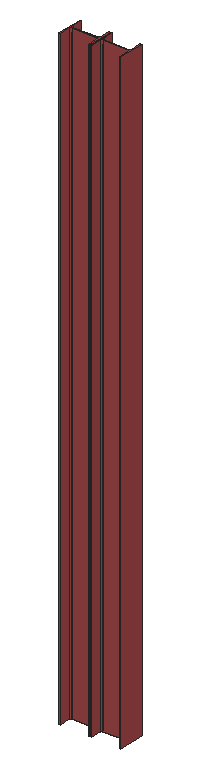
Revit family "CT_Pilar_Aco_Dup_Dir", category Structural Columns, Revit 2025
Family settings
  Section Shape = Not Defined
  Material for Model Behavior = Other
  Always export as geometry = No
  Beam cutback in plan = From bounding box
  OmniClass Number = 23.25.30.11.14.11
  OmniClass Title = Columns
  Cut with Voids When Loaded = No
  Symbolic Representation = From Family
  Shared = No
  Show family pre-cut in plan views = Yes
Parameters
  Structural Material [instance] = CT_Estrutura_Metalica
  Depth = 500 mm
  Width = 500 mm
Reference planes
  plane 1 "Center (Front/Back)": y = 0
  plane 2: z = 0
  plane 3 "Center (Left/Right)": x = 0
Dimensions and locks
  aligned and locked: level to plane 2
  aligned and locked: nested 1 to level  (x3)
  aligned and locked: level to nested 1
  aligned and locked: nested 2 to level  (x3)
  aligned and locked: level to nested 2
  aligned and locked: nested 2 to nested 1
Nested families
  nested 1: "Pilares W Gerdau" at (301.5, 0, 0) x (0, -1, 0) z (0, 0, 1), Structural Material <- "Structural Material", type "W610X217"
    with pm 217, Structural Material CT_Estrutura_Metalica, pt 868000 mm, compr 4000 mm, Comprimento 4000 mm
  nested 2: "Pilares W Gerdau" at (100.5, 0, 0) x (0, -1, 0) z (0, 0, 1), Structural Material <- "Structural Material", type "W610X217"
    with pm 217, Structural Material CT_Estrutura_Metalica, pt 868000 mm, compr 4000 mm, Comprimento 4000 mm
Definition of nested family "Pilares W Gerdau"
  Parameters (values of type "W200X35.9")
    tipo = "200x35.9"
    tip_secao = "W"
    tag = ""
    pt [instance] = compr * pm  # 89750 mm
    pm [instance] = Peso Nominal  # 35.9
    nome = "W200x35.9"
    material = "AÇO ASTM A572 - GR50"
    compr [instance] = Comprimento  # 2500 mm
    Peso Nominal = 35.9
    Width = 165 mm
    Web Thickness = 6.22 mm
    Web Fillet = 10 mm
    Warping Constant = 0.0000868 (stored number, unit not read)
    Torsional Moment of Inertia = 14.40 cm⁴
    Structural Material [instance] = none
    Comprimento [instance] = 2500 mm
    Section Name Key = "W8x24"
    Section Area = 45.7 cm²
    Plastic Modulus weak axis = 140.0 cm³
    Plastic Modulus strong axis = 379.0 cm³
    Perimeter = 3.3793 (stored number, unit not read)
    Nominal Weight = 35.8999 kgf/m
    Moment of Inertia weak axis = 762.00 cm⁴
    Moment of Inertia strong axis = 3440.00 cm⁴
    Height = 201 mm
    Flange Thickness = 10.2 mm
    Elastic Modulus weak axis = 92.3 cm³
    Elastic Modulus strong axis = 342.0 cm³
    Centroid Vertical = Height / 2  # 10.05 cm
    Centroid Horizontal = Width / 2  # 8.25 cm
    Assembly Code = ""
  Types (102, lengths in mm): name | tipo | pt | pm | nome | Peso Nominal | Width | Web Thickness | Web Fillet | Warping Constant | Torsional Moment of Inertia | Section Name Key | Section Area | Plastic Modulus weak axis | Plastic Modulus strong axis | Perimeter | Nominal Weight | Moment of Inertia weak axis | Moment of Inertia strong axis | Height | Flange Thickness | Elastic Modulus weak axis | Elastic Modulus strong axis | Centroid Vertical | Centroid Horizontal
    W200X35.9 | "200x35.9" | 89750 | 35.9 | "W200x35.9" | 35.9 | 165 | 6.22 | 10 | 0.0000868 (stored number, unit not read) | 14.40 cm⁴ | "W8x24" | 45.7 cm² | 140.0 cm³ | 379.0 cm³ | 3.3793 (stored number, unit not read) | 35.8999 kgf/m | 762.00 cm⁴ | 3440.00 cm⁴ | 201 | 10.2 | 92.3 cm³ | 342.0 cm³ | 10.05 cm | 8.25 cm
    W610X82 | "610x82" | 205000 | 82 | "W610x82" | 82 | 178 | 10 | 12.9 | 0.001297 (stored number, unit not read) | 49.10 cm⁴ | "W24x55" | 105.0 cm² | 218.0 cm³ | 2200.0 cm³ | 6.1352 (stored number, unit not read) | 81.9997 kgf/m | 1210.00 cm⁴ | 56200.00 cm⁴ | 599 | 12.8 | 136.0 cm³ | 1870.0 cm³ | 29.95 cm | 8.9 cm
    W610X92 | "610x92" | 230000 | 92 | "W610x92" | 92 | 179 | 10.9 | 12.7 | 0.0015464 (stored number, unit not read) | 71.20 cm⁴ | "W24x62" | 117.0 cm² | 257.0 cm³ | 2510.0 cm³ | 6.1352 (stored number, unit not read) | 91.9997 kgf/m | 1440.00 cm⁴ | 64500.00 cm⁴ | 602 | 15 | 161.0 cm³ | 2150.0 cm³ | 30.1 cm | 8.95 cm
    W610X101 | "610x101" | 252500 | 101 | "W610x101" | 101 | 228 | 10.5 | 12.8 | 0.0031552 (stored number, unit not read) | 77.80 cm⁴ | "W24x68" | 130.0 cm² | 401.0 cm³ | 2900.0 cm³ | 6.7913 (stored number, unit not read) | 101.00 kgf/m | 2930.00 cm⁴ | 76200.00 cm⁴ | 602 | 14.9 | 257.0 cm³ | 2520.0 cm³ | 30.1 cm | 11.4 cm
    W610X113 | "610x113" | 282500 | 113 | "W610x113" | 113 | 228 | 11.2 | 12.7 | 0.0037164 (stored number, unit not read) | 112.00 cm⁴ | "W24x76" | 145.0 cm² | 469.0 cm³ | 3280.0 cm³ | 6.8241 (stored number, unit not read) | 113.00 kgf/m | 3430.00 cm⁴ | 87400.00 cm⁴ | 607 | 17.3 | 302.0 cm³ | 2880.0 cm³ | 30.35 cm | 11.4 cm
    W610X125 | "610x125" | 312500 | 125 | "W610x125" | 125 | 229 | 11.9 | 12.7 | 0.0042901 (stored number, unit not read) | 154.00 cm⁴ | "W24x84" | 159.0 cm² | 534.0 cm³ | 3670.0 cm³ | 6.8898 (stored number, unit not read) | 125.00 kgf/m | 3930.00 cm⁴ | 98600.00 cm⁴ | 612 | 19.6 | 342.0 cm³ | 3210.0 cm³ | 30.6 cm | 11.45 cm
    W610X140 | "610x140" | 350000 | 140 | "W610x140" | 140 | 230 | 13.1 | 12.9 | 0.0050259 (stored number, unit not read) | 219.00 cm⁴ | "W24x94" | 179.0 cm² | 615.0 cm³ | 4160.0 cm³ | 6.9226 (stored number, unit not read) | 139.999 kgf/m | 4540.00 cm⁴ | 112000.00 cm⁴ | 617 | 22.2 | 393.0 cm³ | 3640.0 cm³ | 30.85 cm | 11.5 cm
    W610X153 | "610x153" | 382500 | 153 | "W610x153" | 153 | 229 | 14 | 12.7 | 0.0055622 (stored number, unit not read) | 294.00 cm⁴ | "W24x103" | 195.0 cm² | 680.0 cm³ | 4590.0 cm³ | 6.9226 (stored number, unit not read) | 152.999 kgf/m | 4950.00 cm⁴ | 125000.00 cm⁴ | 622 | 24.9 | 434.0 cm³ | 4010.0 cm³ | 31.1 cm | 11.45 cm
    W610X155 | "610x155" | 387500 | 155 | "W610x155" | 155 | 325 | 12.7 | 12.7 | 0.011785 (stored number, unit not read) | 196.00 cm⁴ | "W24x104" | 198.0 cm² | 1020.0 cm³ | 4740.0 cm³ | 8.1365 (stored number, unit not read) | 154.999 kgf/m | 10800.00 cm⁴ | 129000.00 cm⁴ | 612 | 19.1 | 667.0 cm³ | 4230.0 cm³ | 30.6 cm | 16.25 cm
    W610X174 | "610x174" | 435000 | 174 | "W610x174" | 174 | 325 | 14 | 12.7 | 0.013718 (stored number, unit not read) | 280.00 cm⁴ | "W24x117" | 222.0 cm² | 1170.0 cm³ | 5360.0 cm³ | 8.1365 (stored number, unit not read) | 173.999 kgf/m | 12400.00 cm⁴ | 147000.00 cm⁴ | 617 | 21.6 | 762.0 cm³ | 4770.0 cm³ | 30.85 cm | 16.25 cm
    W610X195 | "610x195" | 487500 | 195 | "W610x195" | 195 | 328 | 15.4 | 12.7 | 0.015714 (stored number, unit not read) | 395.00 cm⁴ | "W24x131" | 249.0 cm² | 1340.0 cm³ | 6060.0 cm³ | 8.2021 (stored number, unit not read) | 194.999 kgf/m | 14200.00 cm⁴ | 167000.00 cm⁴ | 622 | 24.4 | 869.0 cm³ | 5390.0 cm³ | 31.1 cm | 16.4 cm
    W610X217 | "610x217" | 542500 | 217 | "W610x217" | 217 | 328 | 16.5 | 12.7 | 0.018333 (stored number, unit not read) | 558.00 cm⁴ | "W24x146" | 277.0 cm² | 1530.0 cm³ | 6850.0 cm³ | 8.2349 (stored number, unit not read) | 216.999 kgf/m | 16300.00 cm⁴ | 191000.00 cm⁴ | 627 | 27.7 | 991.0 cm³ | 6080.0 cm³ | 31.35 cm | 16.4 cm
    W530X66 | "530x66" | 165000 | 66 | "W530x66" | 66 | 165 | 8.89 | 12.7 | 0.00070712 (stored number, unit not read) | 32.00 cm⁴ | "W21x44" | 83.9 cm² | 167.0 cm³ | 1560.0 cm³ | 5.479 (stored number, unit not read) | 65.9998 kgf/m | 862.00 cm⁴ | 35100.00 cm⁴ | 526 | 11.4 | 104.0 cm³ | 1340.0 cm³ | 26.3 cm | 8.25 cm
    W530X72 | "530x72" | 180000 | 72 | "W530x72" | 72 | 207 | 8.89 | 12.7 | 0.001322 (stored number, unit not read) | 33.40 cm⁴ | "W21x48" | 91.0 cm² | 244.0 cm³ | 1750.0 cm³ | 6.0039 (stored number, unit not read) | 71.9997 kgf/m | 1610.00 cm⁴ | 39900.00 cm⁴ | 523 | 10.9 | 156.0 cm³ | 1520.0 cm³ | 26.15 cm | 10.35 cm
    W530X74 | "530x74" | 185000 | 74 | "W530x74" | 74 | 166 | 9.65 | 12.8 | 0.00086052 (stored number, unit not read) | 47.50 cm⁴ | "W21x50" | 94.8 cm² | 200.0 cm³ | 1800.0 cm³ | 5.5118 (stored number, unit not read) | 73.9997 kgf/m | 1040.00 cm⁴ | 41000.00 cm⁴ | 528 | 13.6 | 125.0 cm³ | 1550.0 cm³ | 26.4 cm | 8.3 cm
    W530X82 | "530x82" | 205000 | 82 | "W530x82" | 82 | 209 | 9.53 | 12.6 | 0.0016711 (stored number, unit not read) | 51.60 cm⁴ | "W21x55" | 105.0 cm² | 302.0 cm³ | 2060.0 cm³ | 6.0696 (stored number, unit not read) | 81.9997 kgf/m | 2010.00 cm⁴ | 47500.00 cm⁴ | 528 | 13.3 | 193.0 cm³ | 1800.0 cm³ | 26.4 cm | 10.45 cm
    W530X85 | "530x85" | 212500 | 85 | "W530x85" | 85 | 167 | 10.3 | 12.7 | 0.0010688 (stored number, unit not read) | 73.70 cm⁴ | "W21x57" | 108.0 cm² | 243.0 cm³ | 2110.0 cm³ | 5.5774 (stored number, unit not read) | 84.9997 kgf/m | 1270.00 cm⁴ | 48700.00 cm⁴ | 536 | 16.5 | 153.0 cm³ | 1820.0 cm³ | 26.8 cm | 8.35 cm
    W530X92 | "530x92" | 230000 | 92 | "W530x92" | 92 | 209 | 10.2 | 12.8 | 0.0019954 (stored number, unit not read) | 76.20 cm⁴ | "W21x62" | 118.0 cm² | 356.0 cm³ | 2360.0 cm³ | 6.1024 (stored number, unit not read) | 91.9997 kgf/m | 2390.00 cm⁴ | 55400.00 cm⁴ | 533 | 15.6 | 229.0 cm³ | 2080.0 cm³ | 26.65 cm | 10.45 cm
    W530X101 | "530x101" | 252500 | 101 | "W530x101" | 101 | 210 | 10.9 | 12.8 | 0.0022698 (stored number, unit not read) | 102.00 cm⁴ | "W21x68" | 129.0 cm² | 400.0 cm³ | 2620.0 cm³ | 6.1352 (stored number, unit not read) | 101.00 kgf/m | 2690.00 cm⁴ | 61600.00 cm⁴ | 536 | 17.4 | 257.0 cm³ | 2290.0 cm³ | 26.8 cm | 10.5 cm
    W530X109 | "530x109" | 272500 | 109 | "W530x109" | 109 | 211 | 11.6 | 12.7 | 0.0024818 (stored number, unit not read) | 126.00 cm⁴ | "W21x73" | 139.0 cm² | 436.0 cm³ | 2820.0 cm³ | 6.1352 (stored number, unit not read) | 109.00 kgf/m | 2940.00 cm⁴ | 66600.00 cm⁴ | 538 | 18.8 | 279.0 cm³ | 2470.0 cm³ | 26.9 cm | 10.55 cm
    W530X123 | "530x123" | 307500 | 123 | "W530x123" | 123 | 212 | 13.1 | 12.8 | 0.0028933 (stored number, unit not read) | 181.00 cm⁴ | "W21x83" | 157.0 cm² | 500.0 cm³ | 3210.0 cm³ | 6.2008 (stored number, unit not read) | 123.00 kgf/m | 3390.00 cm⁴ | 76200.00 cm⁴ | 544 | 21.2 | 320.0 cm³ | 2800.0 cm³ | 27.2 cm | 10.6 cm
    W530X138 | "530x138" | 345000 | 138 | "W530x138" | 138 | 214 | 14.7 | 12.7 | 0.0033298 (stored number, unit not read) | 251.00 cm⁴ | "W21x93" | 176.0 cm² | 569.0 cm³ | 3620.0 cm³ | 6.2336 (stored number, unit not read) | 137.999 kgf/m | 3870.00 cm⁴ | 86200.00 cm⁴ | 549 | 23.6 | 362.0 cm³ | 3150.0 cm³ | 27.45 cm | 10.7 cm
    W460X52 | "460x52" | 130000 | 52 | "W460x52" | 52 | 152 | 7.62 | 10.2 | 0.00038162 (stored number, unit not read) | 21.10 cm⁴ | "W18x35" | 66.5 cm² | 132.0 cm³ | 1090.0 cm³ | 4.8556 (stored number, unit not read) | 51.9998 kgf/m | 637.00 cm⁴ | 21200.00 cm⁴ | 450 | 10.8 | 83.9 cm³ | 944.0 cm³ | 22.5 cm | 7.6 cm
    W460X60 | "460x60" | 150000 | 60 | "W460x60" | 60 | 153 | 8 | 10.2 | 0.00048264 (stored number, unit not read) | 33.70 cm⁴ | "W18x40" | 76.1 cm² | 164.0 cm³ | 1280.0 cm³ | 4.8885 (stored number, unit not read) | 59.9998 kgf/m | 795.00 cm⁴ | 25500.00 cm⁴ | 455 | 13.3 | 104.0 cm³ | 1120.0 cm³ | 22.75 cm | 7.65 cm
    W460X68 | "460x68" | 170000 | 68 | "W460x68" | 68 | 154 | 9.14 | 10.3 | 0.00057617 (stored number, unit not read) | 50.80 cm⁴ | "W18x46" | 87.1 cm² | 192.0 cm³ | 1490.0 cm³ | 4.9213 (stored number, unit not read) | 67.9997 kgf/m | 937.00 cm⁴ | 29600.00 cm⁴ | 460 | 15.4 | 122.0 cm³ | 1290.0 cm³ | 23.0 cm | 7.7 cm
    W460X74 | "460x74" | 185000 | 74 | "W460x74" | 74 | 191 | 9.02 | 10.2 | 0.0010177 (stored number, unit not read) | 51.60 cm⁴ | "W18x50" | 94.8 cm² | 272.0 cm³ | 1660.0 cm³ | 5.3806 (stored number, unit not read) | 73.9997 kgf/m | 1670.00 cm⁴ | 33300.00 cm⁴ | 457 | 14.5 | 175.0 cm³ | 1460.0 cm³ | 22.85 cm | 9.55 cm
    W460X82 | "460x82" | 205000 | 82 | "W460x82" | 82 | 191 | 9.91 | 10.2 | 0.0011486 (stored number, unit not read) | 69.10 cm⁴ | "W18x55" | 105.0 cm² | 303.0 cm³ | 1840.0 cm³ | 5.4134 (stored number, unit not read) | 81.9997 kgf/m | 1870.00 cm⁴ | 37000.00 cm⁴ | 460 | 16 | 195.0 cm³ | 1610.0 cm³ | 23.0 cm | 9.55 cm
    W460X89 | "460x89" | 222500 | 89 | "W460x89" | 89 | 192 | 10.5 | 10.2 | 0.0012845 (stored number, unit not read) | 90.30 cm⁴ | "W18x60" | 114.0 cm² | 338.0 cm³ | 2020.0 cm³ | 5.4134 (stored number, unit not read) | 88.9997 kgf/m | 2090.00 cm⁴ | 41000.00 cm⁴ | 462 | 17.7 | 218.0 cm³ | 1770.0 cm³ | 23.1 cm | 9.6 cm
    W460X97 | "460x97" | 242500 | 97 | "W460x97" | 97 | 193 | 11.4 | 10.1 | 0.0014217 (stored number, unit not read) | 114.00 cm⁴ | "W18x65" | 123.0 cm² | 369.0 cm³ | 2180.0 cm³ | 5.479 (stored number, unit not read) | 96.9996 kgf/m | 2280.00 cm⁴ | 44500.00 cm⁴ | 467 | 19.1 | 236.0 cm³ | 1920.0 cm³ | 23.35 cm | 9.65 cm
    W460X106 | "460x106" | 265000 | 106 | "W460x106" | 106 | 194 | 12.6 | 10.1 | 0.0015714 (stored number, unit not read) | 145.00 cm⁴ | "W18x71" | 135.0 cm² | 405.0 cm³ | 2390.0 cm³ | 5.479 (stored number, unit not read) | 106.00 kgf/m | 2510.00 cm⁴ | 48700.00 cm⁴ | 470 | 20.6 | 259.0 cm³ | 2080.0 cm³ | 23.5 cm | 9.7 cm
    W410X38.8 | "410x38.8" | 97000 | 38.8 | "W410x38.8" | 38.8 | 140 | 6.35 | 10.24 | 0.00018956 (stored number, unit not read) | 10.90 cm⁴ | "W16x26" | 49.5 cm² | 89.8 cm³ | 724.0 cm³ | 4.3635 (stored number, unit not read) | 38.7999 kgf/m | 399.00 cm⁴ | 12500.00 cm⁴ | 399 | 8.76 | 57.2 cm³ | 629.0 cm³ | 19.95 cm | 7.0 cm
    W410X46.1 | "410x46.1" | 115250 | 46.1 | "W410x46.1" | 46.1 | 140 | 6.99 | 10.2 | 0.00024693 (stored number, unit not read) | 19.20 cm⁴ | "W16x31" | 58.9 cm² | 115.0 cm³ | 885.0 cm³ | 4.3963 (stored number, unit not read) | 46.0998 kgf/m | 516.00 cm⁴ | 15600.00 cm⁴ | 404 | 11.2 | 73.6 cm³ | 773.0 cm³ | 20.2 cm | 7.0 cm
    W410X53 | "410x53" | 132500 | 53 | "W410x53" | 53 | 178 | 7.49 | 10.2 | 0.00048887 (stored number, unit not read) | 22.70 cm⁴ | "W16x36" | 68.4 cm² | 177.0 cm³ | 1050.0 cm³ | 4.8885 (stored number, unit not read) | 52.9998 kgf/m | 1020.00 cm⁴ | 18600.00 cm⁴ | 404 | 10.9 | 115.0 cm³ | 926.0 cm³ | 20.2 cm | 8.9 cm
    W410X60 | "410x60" | 150000 | 60 | "W410x60" | 60 | 178 | 7.75 | 10.2 | 0.00057991 (stored number, unit not read) | 33.00 cm⁴ | "W16x40" | 76.1 cm² | 208.0 cm³ | 1200.0 cm³ | 4.8885 (stored number, unit not read) | 59.9998 kgf/m | 1200.00 cm⁴ | 21600.00 cm⁴ | 406 | 12.8 | 135.0 cm³ | 1060.0 cm³ | 20.3 cm | 8.9 cm
    W410X67 | "410x67" | 167500 | 67 | "W410x67" | 67 | 179 | 8.76 | 10.2 | 0.00066597 (stored number, unit not read) | 46.20 cm⁴ | "W16x45" | 85.8 cm² | 238.0 cm³ | 1350.0 cm³ | 4.9213 (stored number, unit not read) | 66.9998 kgf/m | 1370.00 cm⁴ | 24400.00 cm⁴ | 409 | 14.4 | 153.0 cm³ | 1190.0 cm³ | 20.45 cm | 8.95 cm
    W410X75 | "410x75" | 187500 | 75 | "W410x75" | 75 | 180 | 9.65 | 10.2 | 0.00076075 (stored number, unit not read) | 63.30 cm⁴ | "W16x50" | 94.8 cm² | 267.0 cm³ | 1510.0 cm³ | 4.9541 (stored number, unit not read) | 74.9997 kgf/m | 1550.00 cm⁴ | 27400.00 cm⁴ | 414 | 16 | 172.0 cm³ | 1330.0 cm³ | 20.7 cm | 9.0 cm
    W410X85 | "410x85" | 212500 | 85 | "W410x85" | 85 | 181 | 10.9 | 10.2 | 0.00089045 (stored number, unit not read) | 92.40 cm⁴ | "W16x57" | 108.0 cm² | 310.0 cm³ | 1720.0 cm³ | 4.9869 (stored number, unit not read) | 84.9997 kgf/m | 1790.00 cm⁴ | 31600.00 cm⁴ | 417 | 18.2 | 198.0 cm³ | 1510.0 cm³ | 20.85 cm | 9.05 cm
    W360X32.9 | "360x32.9" | 82250 | 32.9 | "W360x32.9" | 32.9 | 127 | 5.84 | 10.19 | 0.00010513 (stored number, unit not read) | 8.66 cm⁴ | "W14x22" | 41.9 cm² | 71.9 cm³ | 544.0 cm³ | 3.8714 (stored number, unit not read) | 32.8999 kgf/m | 291.00 cm⁴ | 8280.00 cm⁴ | 348 | 8.51 | 45.9 cm³ | 475.0 cm³ | 17.4 cm | 6.35 cm
    W360X39 | "360x39" | 97500 | 39 | "W360x39" | 39 | 128 | 6.48 | 10.1 | 0.00013594 (stored number, unit not read) | 14.90 cm⁴ | "W14x26" | 49.6 cm² | 90.8 cm³ | 659.0 cm³ | 3.9042 (stored number, unit not read) | 38.9999 kgf/m | 371.00 cm⁴ | 10200.00 cm⁴ | 353 | 10.7 | 58.2 cm³ | 578.0 cm³ | 17.65 cm | 6.4 cm
    W360X44 | "360x44" | 110000 | 44 | "W360x44" | 44 | 171 | 6.86 | 10.12 | 0.00026439 (stored number, unit not read) | 24.30 cm⁴ | "W14x30" | 57.1 cm² | 147.0 cm³ | 775.0 cm³ | 4.4291 (stored number, unit not read) | 43.9998 kgf/m | 1520.00 cm⁴ | 7120.00 cm⁴ | 351 | 11 | 151.0 cm³ | 574.0 cm³ | 17.55 cm | 8.55 cm
    W360X51 | "360x51" | 127500 | 51 | "W360x51" | 51 | 171 | 7.24 | 10.1 | 0.00035793 (stored number, unit not read) | 23.70 cm⁴ | "W14x34" | 64.5 cm² | 174.0 cm³ | 895.0 cm³ | 4.4619 (stored number, unit not read) | 50.9998 kgf/m | 970.00 cm⁴ | 14200.00 cm⁴ | 356 | 11.6 | 113.0 cm³ | 796.0 cm³ | 17.8 cm | 8.55 cm
    W360X57.8 | "360x57.8" | 144500 | 57.8 | "W360x57.8" | 57.8 | 172 | 7.87 | 10.1 | 0.00041155 (stored number, unit not read) | 33.20 cm⁴ | "W14x38" | 72.3 cm² | 198.0 cm³ | 1010.0 cm³ | 4.4948 (stored number, unit not read) | 57.7998 kgf/m | 1110.00 cm⁴ | 16000.00 cm⁴ | 358 | 13.1 | 129.0 cm³ | 895.0 cm³ | 17.9 cm | 8.6 cm
    W360X64 | "360x64" | 160000 | 64 | "W360x64" | 64 | 203 | 7.75 | 14.9 | 0.00065349 (stored number, unit not read) | 43.70 cm⁴ | "W14x43" | 81.3 cm² | 283.0 cm³ | 1140.0 cm³ | 4.8228 (stored number, unit not read) | 63.9998 kgf/m | 1880.00 cm⁴ | 17800.00 cm⁴ | 348 | 13.5 | 185.0 cm³ | 1030.0 cm³ | 17.4 cm | 10.15 cm
    W360X72 | "360x72" | 180000 | 72 | "W360x72" | 72 | 204 | 8.64 | 15.1 | 0.00075077 (stored number, unit not read) | 60.40 cm⁴ | "W14x48" | 91.0 cm² | 321.0 cm³ | 1280.0 cm³ | 4.8228 (stored number, unit not read) | 71.9997 kgf/m | 2140.00 cm⁴ | 20100.00 cm⁴ | 351 | 15.1 | 210.0 cm³ | 1150.0 cm³ | 17.55 cm | 10.2 cm
    W360X79 | "360x79" | 197500 | 79 | "W360x79" | 79 | 205 | 9.4 | 15 | 0.00085054 (stored number, unit not read) | 80.70 cm⁴ | "W14x53" | 101.0 cm² | 361.0 cm³ | 1430.0 cm³ | 4.8556 (stored number, unit not read) | 78.9997 kgf/m | 2400.00 cm⁴ | 22500.00 cm⁴ | 353 | 16.8 | 234.0 cm³ | 1270.0 cm³ | 17.65 cm | 10.25 cm
    W360X91 | "360x91" | 227500 | 91 | "W360x91" | 91 | 254 | 9.53 | 15.1 | 0.0015714 (stored number, unit not read) | 91.20 cm⁴ | "W14x61" | 115.0 cm² | 537.0 cm³ | 1670.0 cm³ | 5.5118 (stored number, unit not read) | 90.9997 kgf/m | 4450.00 cm⁴ | 26600.00 cm⁴ | 353 | 16.4 | 352.0 cm³ | 1510.0 cm³ | 17.65 cm | 12.7 cm
    W360X101 | "360x101" | 252500 | 101 | "W360x101" | 101 | 254 | 10.5 | 15 | 0.0017959 (stored number, unit not read) | 125.00 cm⁴ | "W14x68" | 129.0 cm² | 605.0 cm³ | 1880.0 cm³ | 5.5118 (stored number, unit not read) | 101.00 kgf/m | 5040.00 cm⁴ | 30100.00 cm⁴ | 356 | 18.3 | 397.0 cm³ | 1690.0 cm³ | 17.8 cm | 12.7 cm
    W360X110 | "360x110" | 275000 | 110 | "W360x110" | 110 | 257 | 11.4 | 15.2 | 0.0020079 (stored number, unit not read) | 161.00 cm⁴ | "W14x74" | 141.0 cm² | 664.0 cm³ | 2060.0 cm³ | 5.5774 (stored number, unit not read) | 110.00 kgf/m | 5580.00 cm⁴ | 33100.00 cm⁴ | 361 | 19.9 | 436.0 cm³ | 1840.0 cm³ | 18.05 cm | 12.85 cm
    W360X122 | "360x122" | 305000 | 122 | "W360x122" | 122 | 257 | 13 | 15.1 | 0.0022448 (stored number, unit not read) | 211.00 cm⁴ | "W14x82" | 155.0 cm² | 734.0 cm³ | 2280.0 cm³ | 5.5774 (stored number, unit not read) | 122.00 kgf/m | 6160.00 cm⁴ | 36700.00 cm⁴ | 363 | 21.7 | 480.0 cm³ | 2020.0 cm³ | 18.15 cm | 12.85 cm
    W310X21 | "310x21" | 52500 | 21 | "W310x21" | 21 | 101 | 5.08 | 7.58 | 0.000026938 (stored number, unit not read) | 2.93 cm⁴ | "W12x14" | 26.8 cm² | 31.1 cm³ | 285.0 cm³ | 3.2349 (stored number, unit not read) | 20.9999 kgf/m | 98.20 cm⁴ | 3690.00 cm⁴ | 302 | 5.72 | 19.5 cm³ | 244.0 cm³ | 15.1 cm | 5.05 cm
    W310X23.8 | "310x23.8" | 59500 | 23.8 | "W310x23.8" | 23.8 | 101 | 5.59 | 7.67 | 0.000032425 (stored number, unit not read) | 4.29 cm⁴ | "W12x16" | 30.4 cm² | 37.0 cm³ | 329.0 cm³ | 3.2513 (stored number, unit not read) | 23.7999 kgf/m | 117.00 cm⁴ | 4290.00 cm⁴ | 305 | 6.73 | 23.1 cm³ | 280.0 cm³ | 15.25 cm | 5.05 cm
    W310X28.3 | "310x28.3" | 70750 | 28.3 | "W310x28.3" | 28.3 | 102 | 5.97 | 7.61 | 0.000043899 (stored number, unit not read) | 7.49 cm⁴ | "W12x19" | 35.9 cm² | 48.8 cm³ | 405.0 cm³ | 3.2808 (stored number, unit not read) | 28.2999 kgf/m | 157.00 cm⁴ | 5410.00 cm⁴ | 310 | 8.89 | 30.8 cm³ | 349.0 cm³ | 15.5 cm | 5.1 cm
    W310X32.7 | "W310x32.7" | 81750 | 32.7 | "W310x32.7" | 32.7 | 102 | 6.6 | 7.6 | 0.000054874 (stored number, unit not read) | 12.20 cm⁴ | "W12x22" | 41.8 cm² | 60.0 cm³ | 480.0 cm³ | 3.3136 (stored number, unit not read) | 32.6999 kgf/m | 194.00 cm⁴ | 6490.00 cm⁴ | 312 | 10.8 | 37.9 cm³ | 416.0 cm³ | 15.6 cm | 5.1 cm
    W310X38.7 | "310x38.7" | 96750 | 38.7 | "W310x38.7" | 38.7 | 165 | 5.84 | 7.65 | 0.00020328 (stored number, unit not read) | 12.50 cm⁴ | "W12x26" | 49.4 cm² | 134.0 cm³ | 610.0 cm³ | 4.101 (stored number, unit not read) | 38.6999 kgf/m | 720.00 cm⁴ | 8490.00 cm⁴ | 310 | 9.65 | 87.5 cm³ | 547.0 cm³ | 15.5 cm | 8.25 cm
    W310X44.5 | "310x44.5" | 111250 | 44.5 | "W310x44.5" | 44.5 | 166 | 6.6 | 7.6 | 0.0002407 (stored number, unit not read) | 19.00 cm⁴ | "W12x30" | 56.7 cm² | 157.0 cm³ | 706.0 cm³ | 4.1339 (stored number, unit not read) | 44.4998 kgf/m | 845.00 cm⁴ | 9910.00 cm⁴ | 312 | 11.2 | 102.0 cm³ | 633.0 cm³ | 15.6 cm | 8.3 cm
    W310X52 | "310x52" | 130000 | 52 | "W310x52" | 52 | 167 | 7.62 | 7.6 | 0.00029432 (stored number, unit not read) | 30.80 cm⁴ | "W12x35" | 66.5 cm² | 188.0 cm³ | 839.0 cm³ | 4.1667 (stored number, unit not read) | 51.9998 kgf/m | 1020.00 cm⁴ | 11900.00 cm⁴ | 318 | 13.2 | 122.0 cm³ | 747.0 cm³ | 15.9 cm | 8.35 cm
    W310X60* | "310x60*" | 150000 | 60 | "W310x60*" | 60 | 203 | 7.5 | 6.35 | 0.000000479 (stored number, unit not read) | 40.46 cm⁴ | "W12x40" | 0.761 cm² | 275.4 cm³ | 944.3 cm³ | 4.5276 (stored number, unit not read) | 59.9998 kgf/m | 1829.00 cm⁴ | 12908.00 cm⁴ | 303 | 13.1 | 180.2 cm³ | 852.0 cm³ | 15.15 cm | 10.15 cm
    W310X67* | "310x67*" | 167500 | 67 | "W310x67*" | 67 | 204 | 8.5 | 6.35 | 0.000000547 (stored number, unit not read) | 55.35 cm⁴ | "W12x45" | 0.853 cm² | 310.5 cm³ | 1060.4 cm³ | 4.5276 (stored number, unit not read) | 66.9998 kgf/m | 2069.00 cm⁴ | 14559.00 cm⁴ | 306 | 14.6 | 202.8 cm³ | 951.5 cm³ | 15.3 cm | 10.2 cm
    W310X74* | "310x74" | 185000 | 74 | "W310x74*" | 74 | 205 | 9.4 | 6.35 | 0.000000629 (stored number, unit not read) | 75.51 cm⁴ | "W12x50" | 0.951 cm² | 350.5 cm³ | 1192.0 cm³ | 4.5604 (stored number, unit not read) | 73.9997 kgf/m | 2344.00 cm⁴ | 16501.00 cm⁴ | 310 | 16.3 | 228.7 cm³ | 1064.6 cm³ | 15.5 cm | 10.25 cm
    W310X79 | "310x79" | 197500 | 79 | "W310x79" | 79 | 254 | 8.76 | 15.4 | 0.0010588 (stored number, unit not read) | 65.80 cm⁴ | "W12x53" | 101.0 cm² | 477.0 cm³ | 1280.0 cm³ | 5.2165 (stored number, unit not read) | 78.9997 kgf/m | 3990.00 cm⁴ | 17700.00 cm⁴ | 307 | 14.6 | 315.0 cm³ | 1160.0 cm³ | 15.35 cm | 12.7 cm
    W310X97 | "310x97" | 242500 | 97 | "W310x97" | 97 | 305 | 9.91 | 15.1 | 0.001933 (stored number, unit not read) | 90.70 cm⁴ | "W12x65" | 123.0 cm² | 723.0 cm³ | 1590.0 cm³ | 5.8727 (stored number, unit not read) | 96.9996 kgf/m | 7240.00 cm⁴ | 22200.00 cm⁴ | 307 | 15.4 | 477.0 cm³ | 1440.0 cm³ | 15.35 cm | 15.25 cm
    W310X107 | "310x107" | 267500 | 107 | "W310x107" | 107 | 305 | 10.9 | 15.3 | 0.0021949 (stored number, unit not read) | 122.00 cm⁴ | "W12x72" | 136.0 cm² | 806.0 cm³ | 1770.0 cm³ | 5.9055 (stored number, unit not read) | 107.00 kgf/m | 8120.00 cm⁴ | 24800.00 cm⁴ | 312 | 17 | 531.0 cm³ | 1600.0 cm³ | 15.6 cm | 15.25 cm
    W310X117 | "310x117" | 292500 | 117 | "W310x117" | 117 | 307 | 11.9 | 15.1 | 0.0024568 (stored number, unit not read) | 160.00 cm⁴ | "W12x79" | 150.0 cm² | 890.0 cm³ | 1950.0 cm³ | 5.9383 (stored number, unit not read) | 117.00 kgf/m | 8990.00 cm⁴ | 27600.00 cm⁴ | 315 | 18.7 | 587.0 cm³ | 1750.0 cm³ | 15.75 cm | 15.35 cm
    W310X129 | "310x129" | 322500 | 129 | "W310x129" | 129 | 307 | 13.1 | 15.2 | 0.0027686 (stored number, unit not read) | 212.00 cm⁴ | "W12x87" | 165.0 cm² | 990.0 cm³ | 2160.0 cm³ | 5.9383 (stored number, unit not read) | 129.00 kgf/m | 10000.00 cm⁴ | 30800.00 cm⁴ | 318 | 20.6 | 651.0 cm³ | 1930.0 cm³ | 15.9 cm | 15.35 cm
    W310X143 | "310x143" | 357500 | 143 | "W310x143" | 143 | 310 | 14 | 15.2 | 0.0031552 (stored number, unit not read) | 285.00 cm⁴ | "W12x96" | 182.0 cm² | 1110.0 cm³ | 2410.0 cm³ | 6.0039 (stored number, unit not read) | 142.999 kgf/m | 11200.00 cm⁴ | 34700.00 cm⁴ | 323 | 22.9 | 728.0 cm³ | 2150.0 cm³ | 16.15 cm | 15.5 cm
    W310X158 | "310x158" | 395000 | 158 | "W310x158" | 158 | 310 | 15.5 | 15.3 | 0.0035793 (stored number, unit not read) | 380.00 cm⁴ | "W12x106" | 201.0 cm² | 1230.0 cm³ | 2690.0 cm³ | 6.0367 (stored number, unit not read) | 157.999 kgf/m | 12500.00 cm⁴ | 38800.00 cm⁴ | 328 | 25.1 | 808.0 cm³ | 2380.0 cm³ | 16.4 cm | 15.5 cm
    W310X179 | "310x179" | 447500 | 179 | "W310x179" | 179 | 312 | 18 | 15 | 0.0041529 (stored number, unit not read) | 537.00 cm⁴ | "W12x120" | 227.0 cm² | 1400.0 cm³ | 3050.0 cm³ | 6.0696 (stored number, unit not read) | 178.999 kgf/m | 14400.00 cm⁴ | 44500.00 cm⁴ | 333 | 28.2 | 918.0 cm³ | 2670.0 cm³ | 16.65 cm | 15.6 cm
    W310X202 | "310x202" | 505000 | 202 | "W310x202" | 202 | 315 | 20.1 | 15.2 | 0.0049261 (stored number, unit not read) | 770.00 cm⁴ | "W12x136" | 257.0 cm² | 1610.0 cm³ | 3510.0 cm³ | 6.1352 (stored number, unit not read) | 201.999 kgf/m | 16600.00 cm⁴ | 51600.00 cm⁴ | 340 | 31.8 | 1050.0 cm³ | 3050.0 cm³ | 17.0 cm | 15.75 cm
    W250X17.9 | "250x17.9" | 44750 | 17.9 | "W250x17.9" | 17.9 | 101 | 4.83 | 7.67 | 0.000017086 (stored number, unit not read) | 2.28 cm⁴ | "W10x12" | 22.8 cm² | 28.5 cm³ | 206.0 cm³ | 2.8904 (stored number, unit not read) | 17.8999 kgf/m | 90.70 cm⁴ | 2240.00 cm⁴ | 251 | 5.33 | 18.0 cm³ | 179.0 cm³ | 12.55 cm | 5.05 cm
    W250X22.3 | "250x22.3" | 55750 | 22.3 | "W250x22.3" | 22.3 | 102 | 5.84 | 7.64 | 0.000022822 (stored number, unit not read) | 4.33 cm⁴ | "W10x15" | 28.5 cm² | 37.7 cm³ | 262.0 cm³ | 2.9167 (stored number, unit not read) | 22.2999 kgf/m | 120.00 cm⁴ | 2870.00 cm⁴ | 254 | 6.86 | 23.8 cm³ | 226.0 cm³ | 12.7 cm | 5.1 cm
    W250X25.3 | "250x25.3" | 130750 | 52.3 | "W250x25.3" | 52.3 | 102 | 6.1 | 7.62 | 0.000028559 (stored number, unit not read) | 6.49 cm⁴ | "W10x17" | 32.2 cm² | 45.9 cm³ | 306.0 cm³ | 2.9331 (stored number, unit not read) | 25.2999 kgf/m | 148.00 cm⁴ | 3410.00 cm⁴ | 257 | 8.38 | 29.2 cm³ | 265.0 cm³ | 12.85 cm | 5.1 cm
    W250X28.4 | "250x28.4" | 71000 | 28.4 | "W250x28.4" | 28.4 | 102 | 6.35 | 7.7 | 0.000034795 (stored number, unit not read) | 9.70 cm⁴ | "W10x19" | 36.3 cm² | 54.9 cm³ | 354.0 cm³ | 2.9593 (stored number, unit not read) | 28.3999 kgf/m | 179.00 cm⁴ | 4010.00 cm⁴ | 259 | 10 | 35.1 cm³ | 308.0 cm³ | 12.95 cm | 5.1 cm
    W250X32.7 | "250x32.7" | 81750 | 32.7 | "W250x32.7" | 32.7 | 146 | 6.1 | 7.66 | 0.000092038 (stored number, unit not read) | 9.95 cm⁴ | "W10x22" | 41.9 cm² | 100.0 cm³ | 426.0 cm³ | 3.5433 (stored number, unit not read) | 32.6999 kgf/m | 475.00 cm⁴ | 4910.00 cm⁴ | 259 | 9.14 | 65.1 cm³ | 380.0 cm³ | 12.95 cm | 7.3 cm
    W250X38.5 | "250x38.5" | 96250 | 38.5 | "W250x38.5" | 38.5 | 147 | 6.6 | 7.6 | 0.00011548 (stored number, unit not read) | 16.70 cm⁴ | "W10x26" | 49.1 cm² | 123.0 cm³ | 513.0 cm³ | 3.5433 (stored number, unit not read) | 38.4999 kgf/m | 587.00 cm⁴ | 5990.00 cm⁴ | 262 | 11.2 | 80.1 cm³ | 457.0 cm³ | 13.1 cm | 7.35 cm
    W250X44.8 | "250x44.8" | 112000 | 44.8 | "W250x44.8" | 44.8 | 148 | 7.62 | 7.6 | 0.00013843 (stored number, unit not read) | 25.90 cm⁴ | "W10x30" | 57.0 cm² | 145.0 cm³ | 600.0 cm³ | 3.5761 (stored number, unit not read) | 44.7998 kgf/m | 695.00 cm⁴ | 7080.00 cm⁴ | 267 | 13 | 94.2 cm³ | 531.0 cm³ | 13.35 cm | 7.4 cm
    W250X73 | "250x73" | 182500 | 73 | "W250x73" | 73 | 254 | 8.64 | 12.7 | 0.0006934 (stored number, unit not read) | 57.90 cm⁴ | "W10x49" | 92.9 cm² | 464.0 cm³ | 990.0 cm³ | 4.8885 (stored number, unit not read) | 72.9997 kgf/m | 3890.00 cm⁴ | 11300.00 cm⁴ | 254 | 14.2 | 306.0 cm³ | 895.0 cm³ | 12.7 cm | 12.7 cm
    W250X80 | "250x80" | 200000 | 80 | "W250x80" | 80 | 254 | 9.4 | 12.8 | 0.00077696 (stored number, unit not read) | 75.80 cm⁴ | "W10x54" | 102.0 cm² | 513.0 cm³ | 1090.0 cm³ | 4.8885 (stored number, unit not read) | 79.9997 kgf/m | 4290.00 cm⁴ | 12600.00 cm⁴ | 257 | 15.6 | 338.0 cm³ | 983.0 cm³ | 12.85 cm | 12.7 cm
    W250X89 | "250x89" | 222500 | 89 | "W250x89" | 89 | 257 | 10.7 | 12.7 | 0.00088421 (stored number, unit not read) | 103.00 cm⁴ | "W10x60" | 114.0 cm² | 574.0 cm³ | 1220.0 cm³ | 4.9213 (stored number, unit not read) | 88.9997 kgf/m | 4830.00 cm⁴ | 14200.00 cm⁴ | 259 | 17.3 | 377.0 cm³ | 1090.0 cm³ | 12.95 cm | 12.85 cm
    W250X101 | "250x101" | 252500 | 101 | "W250x101" | 101 | 257 | 11.9 | 12.7 | 0.0010376 (stored number, unit not read) | 148.00 cm⁴ | "W10x68" | 128.0 cm² | 657.0 cm³ | 1400.0 cm³ | 4.9541 (stored number, unit not read) | 101.00 kgf/m | 5580.00 cm⁴ | 16400.00 cm⁴ | 264 | 19.6 | 433.0 cm³ | 1240.0 cm³ | 13.2 cm | 12.85 cm
    W250X115 | "250x115" | 287500 | 115 | "W250x115" | 115 | 259 | 13.5 | 12.7 | 0.0012159 (stored number, unit not read) | 213.00 cm⁴ | "W10x77" | 146.0 cm² | 752.0 cm³ | 1600.0 cm³ | 5.0197 (stored number, unit not read) | 115.00 kgf/m | 6410.00 cm⁴ | 18900.00 cm⁴ | 269 | 22.1 | 493.0 cm³ | 1410.0 cm³ | 13.45 cm | 12.95 cm
    W250X131 | "250x131" | 327500 | 131 | "W250x131" | 131 | 262 | 15.4 | 12.7 | 0.0014467 (stored number, unit not read) | 313.00 cm⁴ | "W10x88" | 168.0 cm² | 870.0 cm³ | 1850.0 cm³ | 5.0525 (stored number, unit not read) | 131.00 kgf/m | 7450.00 cm⁴ | 22200.00 cm⁴ | 274 | 25.1 | 570.0 cm³ | 1610.0 cm³ | 13.7 cm | 13.1 cm
    W250X149 | "250x149" | 372500 | 149 | "W250x149" | 149 | 262 | 17.3 | 12.7 | 0.001721 (stored number, unit not read) | 454.00 cm⁴ | "W10x100" | 189.0 cm² | 1000.0 cm³ | 2130.0 cm³ | 5.0853 (stored number, unit not read) | 148.999 kgf/m | 8620.00 cm⁴ | 25900.00 cm⁴ | 282 | 28.4 | 655.0 cm³ | 1840.0 cm³ | 14.1 cm | 13.1 cm
    W250X167 | "250x167" | 417500 | 167 | "W250x167" | 167 | 264 | 19.2 | 12.7 | 0.0020203 (stored number, unit not read) | 629.00 cm⁴ | "W10x112" | 212.0 cm² | 1130.0 cm³ | 2410.0 cm³ | 5.1509 (stored number, unit not read) | 166.999 kgf/m | 9820.00 cm⁴ | 29800.00 cm⁴ | 290 | 31.8 | 742.0 cm³ | 2060.0 cm³ | 14.5 cm | 13.2 cm
    W200X15 | "200x15" | 37500 | 15 | "W200x15" | 15 | 100 | 4.32 | 7.59 | 0.000010351 (stored number, unit not read) | 1.77 cm⁴ | "W8x10" | 19.1 cm² | 27.2 cm³ | 145.0 cm³ | 2.5591 (stored number, unit not read) | 14.9999 kgf/m | 87.00 cm⁴ | 1280.00 cm⁴ | 200 | 5.21 | 17.4 cm³ | 128.0 cm³ | 10.0 cm | 5.0 cm
    W200X19.3 | "200x19.3" | 48250 | 19.3 | "W200x19.3" | 19.3 | 102 | 5.84 | 7.62 | 0.000013718 (stored number, unit not read) | 3.63 cm⁴ | "W8x13" | 24.8 cm² | 35.2 cm³ | 187.0 cm³ | 2.582 (stored number, unit not read) | 19.2999 kgf/m | 114.00 cm⁴ | 1650.00 cm⁴ | 203 | 6.48 | 22.5 cm³ | 162.0 cm³ | 10.15 cm | 5.1 cm
    W200X22.5 | "200x22.5" | 56250 | 22.5 | "W200x22.5" | 22.5 | 102 | 6.22 | 7.6 | 0.000017335 (stored number, unit not read) | 5.70 cm⁴ | "W8x15" | 28.6 cm² | 43.8 cm³ | 223.0 cm³ | 2.6083 (stored number, unit not read) | 22.4999 kgf/m | 142.00 cm⁴ | 2000.00 cm⁴ | 206 | 8 | 27.9 cm³ | 193.0 cm³ | 10.3 cm | 5.1 cm
    W200X26.6 | "200x26.6" | 66500 | 26.6 | "W200x26.6" | 26.6 | 133 | 5.84 | 7.62 | 0.000040906 (stored number, unit not read) | 7.16 cm⁴ | "W8x18" | 33.9 cm² | 76.4 cm³ | 279.0 cm³ | 3.0249 (stored number, unit not read) | 26.5999 kgf/m | 332.00 cm⁴ | 2580.00 cm⁴ | 207 | 8.38 | 49.8 cm³ | 249.0 cm³ | 10.35 cm | 6.65 cm
    W200X31.3 | "200x31.3" | 78250 | 31.3 | "W200x31.3" | 31.3 | 134 | 6.35 | 7.6 | 0.000050883 (stored number, unit not read) | 11.70 cm⁴ | "W8x21" | 39.7 cm² | 93.2 cm³ | 334.0 cm³ | 3.0512 (stored number, unit not read) | 31.2999 kgf/m | 407.00 cm⁴ | 3130.00 cm⁴ | 210 | 10.2 | 60.8 cm³ | 298.0 cm³ | 10.5 cm | 6.7 cm
    W200X41.7 | "200x41.7" | 104250 | 41.7 | "W200x41.7" | 41.7 | 166 | 7.24 | 10 | 0.00010451 (stored number, unit not read) | 22.40 cm⁴ | "W8x28" | 53.2 cm² | 166.0 cm³ | 446.0 cm³ | 3.4121 (stored number, unit not read) | 41.6998 kgf/m | 903.00 cm⁴ | 4080.00 cm⁴ | 205 | 11.8 | 109.0 cm³ | 398.0 cm³ | 10.25 cm | 8.3 cm
    W200X46.1 | "200x46.1" | 115250 | 46.1 | "W200x46.1" | 46.1 | 203 | 7.24 | 10.1 | 0.00017709 (stored number, unit not read) | 22.30 cm⁴ | "W8x31" | 58.9 cm² | 231.0 cm³ | 498.0 cm³ | 3.9042 (stored number, unit not read) | 46.0998 kgf/m | 1540.00 cm⁴ | 4580.00 cm⁴ | 203 | 11 | 152.0 cm³ | 451.0 cm³ | 10.15 cm | 10.15 cm
    W200X52 | "200x52" | 130000 | 52 | "W200x52" | 52 | 204 | 7.87 | 10 | 0.00020702 (stored number, unit not read) | 32.00 cm⁴ | "W8x35" | 66.5 cm² | 264.0 cm³ | 569.0 cm³ | 3.9042 (stored number, unit not read) | 51.9998 kgf/m | 1770.00 cm⁴ | 5290.00 cm⁴ | 206 | 12.6 | 174.0 cm³ | 511.0 cm³ | 10.3 cm | 10.2 cm
    W200X59 | "200x59" | 147500 | 59 | "W200x59" | 59 | 205 | 9.14 | 10 | 0.00024319 (stored number, unit not read) | 46.60 cm⁴ | "W8x40" | 75.5 cm² | 303.0 cm³ | 652.0 cm³ | 3.937 (stored number, unit not read) | 58.9998 kgf/m | 2040.00 cm⁴ | 6080.00 cm⁴ | 210 | 14.2 | 200.0 cm³ | 582.0 cm³ | 10.5 cm | 10.25 cm
    W200X71 | "200x71" | 177500 | 71 | "W200x71" | 71 | 206 | 10.2 | 10 | 0.00031178 (stored number, unit not read) | 81.60 cm⁴ | "W8x48" | 91.0 cm² | 375.0 cm³ | 803.0 cm³ | 4.0026 (stored number, unit not read) | 70.9997 kgf/m | 2530.00 cm⁴ | 7660.00 cm⁴ | 216 | 17.4 | 246.0 cm³ | 708.0 cm³ | 10.8 cm | 10.3 cm
    W200X86 | "200x86" | 215000 | 86 | "W200x86" | 86 | 209 | 13 | 9.9 | 0.00039534 (stored number, unit not read) | 139.00 cm⁴ | "W8x58" | 110.0 cm² | 457.0 cm³ | 980.0 cm³ | 4.0682 (stored number, unit not read) | 85.9997 kgf/m | 3130.00 cm⁴ | 9490.00 cm⁴ | 222 | 20.6 | 300.0 cm³ | 852.0 cm³ | 11.1 cm | 10.45 cm
    W200X100 | "200x100" | 250000 | 100 | "W200x100" | 100 | 210 | 14.5 | 10.1 | 0.00048264 (stored number, unit not read) | 210.00 cm⁴ | "W8x67" | 127.0 cm² | 536.0 cm³ | 1150.0 cm³ | 4.101 (stored number, unit not read) | 99.9996 kgf/m | 3690.00 cm⁴ | 11300.00 cm⁴ | 229 | 23.7 | 351.0 cm³ | 990.0 cm³ | 11.45 cm | 10.5 cm
    W150X13 | "150x13" | 32500 | 13 | "W150x13" | 13 | 100 | 4.32 | 6.35 | 0.000005288 (stored number, unit not read) | 1.39 cm⁴ | "W6x8.5" | 16.3 cm² | 25.6 cm³ | 93.9 cm³ | 2.2244 (stored number, unit not read) | 13.00 kgf/m | 82.80 cm⁴ | 620.00 cm⁴ | 148 | 4.95 | 16.6 cm³ | 83.6 cm³ | 7.4 cm | 5.0 cm
    W150X18 | "150x18" | 45000 | 18 | "W150x18" | 18 | 102 | 5.84 | 6.39 | 0.000008268 (stored number, unit not read) | 3.76 cm⁴ | "W6x12" | 22.9 cm² | 38.0 cm³ | 136.0 cm³ | 2.2671 (stored number, unit not read) | 17.9999 kgf/m | 124.00 cm⁴ | 920.00 cm⁴ | 153 | 7.11 | 24.6 cm³ | 120.0 cm³ | 7.65 cm | 5.1 cm
    W150X24 | "150x24" | 60000 | 24 | "W150x24" | 24 | 102 | 6.6 | 6.3 | 0.000012845 (stored number, unit not read) | 9.28 cm⁴ | "W6x16" | 30.6 cm² | 55.6 cm³ | 192.0 cm³ | 2.3097 (stored number, unit not read) | 23.9999 kgf/m | 184.00 cm⁴ | 1340.00 cm⁴ | 160 | 10.3 | 36.1 cm³ | 167.0 cm³ | 8.0 cm | 5.1 cm
    W150X22.5 | "150x22.5" | 56250 | 22.5 | "W150x22.5" | 22.5 | 152 | 5.84 | 6.4 | 0.000025566 (stored number, unit not read) | 4.20 cm⁴ | "W6x15" | 28.6 cm² | 77.8 cm³ | 177.0 cm³ | 2.9265 (stored number, unit not read) | 22.4999 kgf/m | 388.00 cm⁴ | 1210.00 cm⁴ | 152 | 6.6 | 51.0 cm³ | 159.0 cm³ | 7.6 cm | 7.6 cm
    W150X29.8 | "150x29.8" | 74500 | 29.8 | "W150x29.8" | 29.8 | 153 | 6.6 | 6.33 | 0.000037788 (stored number, unit not read) | 9.99 cm⁴ | "W6x20" | 37.9 cm² | 110.0 cm³ | 246.0 cm³ | 2.9593 (stored number, unit not read) | 29.7999 kgf/m | 554.00 cm⁴ | 1720.00 cm⁴ | 157 | 9.27 | 72.3 cm³ | 220.0 cm³ | 7.85 cm | 7.65 cm
    W150X37.1 | "150x37.1" | 92750 | 37.1 | "W150x37.1" | 37.1 | 154 | 8.13 | 6.3 | 0.000050259 (stored number, unit not read) | 19.20 cm⁴ | "W6x25" | 47.4 cm² | 140.0 cm³ | 310.0 cm³ | 2.9987 (stored number, unit not read) | 37.0999 kgf/m | 712.00 cm⁴ | 2220.00 cm⁴ | 162 | 11.6 | 91.9 cm³ | 274.0 cm³ | 8.1 cm | 7.7 cm
    W360X44.6 | "360x44.6" | 111500 | 44.6 | "W360x44.6" | 44.6 | 171 | 6.86 | 10.12 | 0.00029682 (stored number, unit not read) | 15.80 cm⁴ | "W14x30" | 57.1 cm² | 147.0 cm³ | 775.0 cm³ | 4.4291 (stored number, unit not read) | 43.9998 kgf/m | 816.00 cm⁴ | 12100.00 cm⁴ | 351 | 9.78 | 95.4 cm³ | 688.0 cm³ | 17.55 cm | 8.55 cm
  Reference planes
    plane 1: y = 0
    plane 2: z = 0
    plane 3: x = 0
    plane 4: x = -82.5
    plane 5: x = 82.5
    plane 6: y = 100.5
    plane 7: y = -100.5
    plane 8: x = -3.969
    plane 9: x = 3.969
  Forms (mm)
    Extrusion 1, solid, material <- "Structural Material", detail levels medium
      sketch origin (0, 0, 0) x (1, 0, 0) y (0, 1, 0)
        loop
          line (-82.5, 100.5) -> (-82.5, 90.3) -> (-3.11, 90.3) -> (-3.11, -90.3) -> (-82.5, -90.3) -> (-82.5, -100.5) -> (82.5, -100.5) -> (82.5, -90.3) -> (3.11, -90.3) -> (3.11, 90.3) -> (82.5, 90.3) -> (82.5, 100.5) -> (-82.5, 100.5)
      from 0 to 2500
    Extrusion 2, solid, material <- "Structural Material", detail levels fine
      sketch origin (0, 0, 0) x (1, 0, 0) y (0, 1, 0)
        loop
          line (-82.5, 100.5) -> (-82.5, 90.3) -> (-13.11, 90.3)
          arc (-13.11, 90.3) -> (-6.039, 87.371) -> (-3.11, 80.3) r 10
          line (-3.11, 80.3) -> (-3.11, -80.3)
          arc (-3.11, -80.3) -> (-6.039, -87.371) -> (-13.11, -90.3) r 10
          line (-13.11, -90.3) -> (-82.5, -90.3) -> (-82.5, -100.5) -> (82.5, -100.5) -> (82.5, -90.3) -> (13.11, -90.3)
          arc (13.11, -90.3) -> (6.039, -87.371) -> (3.11, -80.3) r 10
          line (3.11, -80.3) -> (3.11, 80.3)
          arc (3.11, 80.3) -> (6.039, 87.371) -> (13.11, 90.3) r 10
          line (13.11, 90.3) -> (82.5, 90.3) -> (82.5, 100.5) -> (-82.5, 100.5)
      from 0 to 2500
  Lines and regions (mm)
    symbolic lines, detail levels coarse
      curve 1: line (-82.5, 100.5, 0) -> (82.5, 100.5, 0)
      curve 2: line (-82.5, -100.5, 0) -> (82.5, -100.5, 0)
      curve 3: line (0, 100.5, 0) -> (0, -100.5, 0)
    symbolic lines, detail levels medium+fine
      curve 4: line (-3.969, 0, 0) -> (-3.969, 0, 2500)
      curve 5: line (3.969, 0, 2500) -> (3.969, 0, 0)
  Dimensions and locks
    equal spacing: plane 4, plane 3, plane 5
    equal spacing: plane 7, plane 1, plane 6
    "Height": plane 7 to plane 6
    "Width": plane 4 to plane 5
    "Flange Thickness": plane 7 to Extrusion 1 sketch curve
    "Flange Thickness": Extrusion 1 sketch curve to plane 6
    equal spacing: Extrusion 1 sketch curve, plane 3, Extrusion 1 sketch curve
    "Web Thickness": Extrusion 1 sketch curve to Extrusion 1 sketch curve
    "Comprimento": level to level
    "Web Fillet": radius of Extrusion 2 sketch curve  (x4)
    aligned and locked: plane 6 to Extrusion 1 sketch curve
    aligned and locked: Extrusion 1 sketch curve to plane 7
    aligned and locked: Extrusion 1 sketch curve to plane 4  (x2)
    aligned and locked: plane 5 to Extrusion 1 sketch curve  (x2)
    aligned and locked: Extrusion 1 sketch curve to Extrusion 1 sketch curve  (x2)
    aligned and locked: level to Extrusion 1
    aligned and locked: level to plane 2
    aligned and locked: Extrusion 1 to plane 2
    aligned and locked: plane 6 to Extrusion 2 sketch curve
    aligned and locked: plane 5 to Extrusion 2 sketch curve  (x2)
    aligned and locked: Extrusion 2 sketch curve to plane 4  (x2)
    aligned and locked: Extrusion 2 sketch curve to Extrusion 1  (x6)
    aligned and locked: Extrusion 2 sketch curve to plane 7
    aligned and locked: level to Extrusion 2
    aligned and locked: Extrusion 2 to level
  Automatic sketch dimensions
    curve 2 to plane 4 = 0 mm
    curve 1 to plane 4 = 0 mm
    curve 3 to plane 3 = 0 mm
    curve 2 to plane 5 = 0 mm
    curve 1 to plane 5 = 0 mm
    curve 3 to plane 7 = 0 mm
    curve 3 to plane 6 = 0 mm
    curve 4 to level = 0 mm  (x2)
    curve 4 to plane 8 = 0 mm
    curve 5 to level = 0 mm  (x2)
    curve 5 to plane 9 = 0 mm
